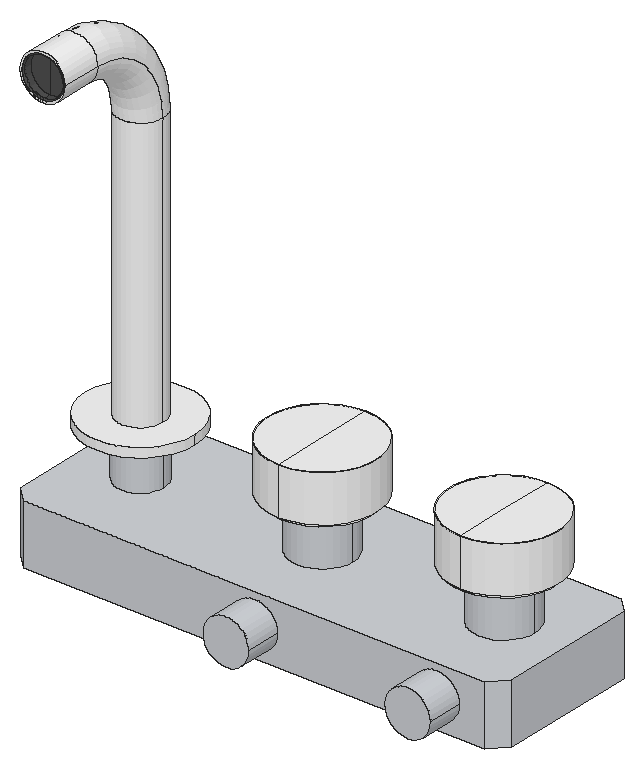
Revit family "Reece_Tap_Milli_Pure_Bath Tap Hostess System_200 mm", category Plumbing Fixtures, host Face, Revit 2018
Family settings
  Host = Face
  Round Connector Dimension = Use Diameter
  Part Type = Normal
  Cut with Voids When Loaded = No
  Shared = Yes
  Room Calculation Point = Yes
Parameters (values of type "Chrome")
  WFU = 0  # constant formula
  URL = "https://www.reece.com.au/product/-2263279"
  Type Comments = "Tap"
  Reece_Tap_Reach = 200 mm  # constant formula
  Reece_Tap_Inlet = 15 mm  # constant formula
  Reece_Product_Web Page = "https://www.reece.com.au/product/-2263279"
  Reece_Product_Type = "Tap"  # constant formula
  Reece_Product_Sub Brand = "Pure"  # constant formula
  Reece_Product_Number = "2263279"
  Reece_Product_Mount = "Wall Mounted"
  Reece_Product_Description = "Milli Pure Wall Bath Hostess System 200mm Right Hand Chrome"
  Reece_Product_Brand = "Milli"  # constant formula
  Reece_Overall_Length = 212.5 mm  # constant formula
  Reece_Material_Main = Reece_Brass_Chrome
  Reece_Detail_Tap_Handle Texture = ""
  Reece_Detail_Installation = ""
  Reece_Detail_Disclaimer = "THIS FILE IS THE PROPERTY OF THE REECE GROUP. IT MAY NOT BE REPRODUCED, REVERSE-ENGINEERED OR MODIFIED. ANY REPUBLICATION, TRANSMISSION OR DISTRIBUTION FOR THE PURPOSE OF COMMERCIALLY EXPLOITING THE FILES IS PROHIBITED."  # constant formula
  Reece_Detail_Connector = ""
  Reece_Detail_Additional = "Bath Tap Hostess System\r\n"  # constant formula
  Model = "Pure"
  Manufacturer = "Milli"
  Keynote = "Product #2263279, Reece_Tap_Milli_Pure_Bath Tap Hostess System_200 mm - Chrome"
  HWFU = 0  # constant formula
  Disclaimer = "THIS FILE IS THE PROPERTY OF THE REECE GROUP. IT MAY NOT BE REPRODUCED, REVERSE-ENGINEERED OR MODIFIED. ANY REPUBLICATION, TRANSMISSION OR DISTRIBUTION FOR THE PURPOSE OF COMMERCIALLY EXPLOITING THE FILES IS PROHIBITED."  # constant formula
  Description = "Milli Pure Wall Bath Hostess System 200mm Chrome"
  Default Elevation = 1000 mm
  CWFU = 0  # constant formula
Types (6, lengths in mm): name | URL | Reece_Product_Web Page | Reece_Product_Number | Reece_Product_Description | Reece_Material_Main | Keynote | Description
  Brushed Gunmetal | "https://www.reece.com.au/product/-2281300" | "https://www.reece.com.au/product/-2281300" | "2281300" | "Milli Pure Wall Bath Hostess System 200mm Right Hand Brushed Gunmetal" | Reece_Brass_Brushed Gunmetal | "Product #2281300, Reece_Tap_Milli_Pure_Bath Tap Hostess System_200 mm - Brushed Gunmetal" | "Milli Pure Wall Bath Hostess System 200mm Brushed Gunmetal"
  Chrome | "https://www.reece.com.au/product/-2263279" | "https://www.reece.com.au/product/-2263279" | "2263279" | "Milli Pure Wall Bath Hostess System 200mm Right Hand Chrome" | Reece_Brass_Chrome | "Product #2263279, Reece_Tap_Milli_Pure_Bath Tap Hostess System_200 mm - Chrome" | "Milli Pure Wall Bath Hostess System 200mm Chrome"
  Matte Black | "https://www.reece.com.au/product/-2281222" | "https://www.reece.com.au/product/-2281222" | "2281222" | "Milli Pure Wall Bath Hostess System 200mm Right Hand Matte Black" | Reece_Brass_Matte Black | "Product #2281222, Reece_Tap_Milli_Pure_Bath Tap Hostess System_200 mm - Matte Black" | "Milli Pure Wall Bath Hostess System 200mm Matte Black"
  Brushed Nickel | "https://www.reece.com.au/product/-2299195" | "https://www.reece.com.au/product/-2299195" | "2299195" | "Milli Pure Wall Bath Hostess System 200mm Right Hand Brushed Nickel" | Reece_Brass_Brushed Nickel | "Product #2299195, Reece_Tap_Milli_Pure_Bath Tap Hostess System_200 mm - Brushed Nickel" | "Milli Pure Wall Bath Hostess System 200mm Brushed Nickel"
  PVD Brushed Bronze | "https://www.reece.com.au/product/-9511085" | "https://www.reece.com.au/product/-9511085" | "9511085" | "Milli Pure Wall Bath Hostess System 200mm PVD Brushed Bronze" | Reece_PVD_Brushed Bronze | "Product #9511085, Reece_Tap_Milli_Pure_Bath Tap Hostess System_200 mm - PVD Brushed Bronze" | "Milli Pure Wall Bath Hostess System 200mm PVD Brushed Bronze"
  PVD Brushed Gold | "https://www.reece.com.au/product/-9510900" | "https://www.reece.com.au/product/-9510900" | "9510900" | "Milli Pure Wall Bath Hostess System 200mm PVD Brushed Gold" | Reece_PVD_Brushed Gold | "Product #9510900, Reece_Tap_Milli_Pure_Bath Tap Hostess System_200 mm - PVD Brushed Gold" | "Milli Pure Wall Bath Hostess System 200mm PVD Brushed Gold"
Reference planes
  plane 1 "Center (Front/Back)": y = 0
  plane 2 "Bottom": z = 0
  plane 3 "Center (Left/Right)": x = 0
  plane 4 "Top": z = 212.5
  plane 5: z = 200
  plane 6: y = -67
  plane 7: x = -100
  plane 8: x = 100
Forms (mm)
  Extrusion 1, solid, material "Reece_Brass_Chrome" <- "Reece_Material_Main"
    sketch origin (-50, 0, 0) x (1, 0, 0) y (0, 1, 0)
      loop
        circle (-50, 0) r 30
    from 0 to 5
  Sweep 2, solid, material "Reece_Brass_Chrome" <- "Reece_Material_Main"
    path origin (0, 0, 0) x (0, 1, 0) y (0, 0, 1)
      loop
        line (-67, 200) -> (-45, 200)
        arc (-45, 200) -> (-13.18, 186.82) -> (0, 155) r 45
        line (0, 155) -> (0, 0)
    profile origin (0, 0, 77.5) x (1, 0, 0) y (0, 1, 0)
      loop
        circle (-100, 0) r 12.5
      loop
        circle (-100, 0) r 11.5
  Revolve 3, solid, material "Reece_Brass_Matte Black"
    sketch origin (-100, -183.21, 68.488) x (0, 0.572951, -0.81959) y (0, 0.81959, 0.572951)
      loop
        line (-38.39, 174.619) -> (-37.119, 176.437) -> (-46.38, 182.911) -> (-50.465, 177.068) -> (-49.461, 177.508) -> (-47.184, 180.766) -> (-38.39, 174.619)
      axis (-37.119, 176.437) -> (-41.203, 170.594)
    angle from 0 to 360
  Extrusion 4, solid
    sketch origin (0, 0, 0) x (1, 0, 0) y (0, 1, 0)
      loop
        line (-126.853, 46.5) -> (-135, 38.353) -> (-135, -38.353) -> (-126.853, -46.5) -> (126.853, -46.5) -> (135, -38.353) -> (135, 38.353) -> (126.853, 46.5) -> (-126.853, 46.5)
    from -60 to -27
  Extrusion 5, solid
    sketch origin (50, 0, -3.5) x (-1, 0, 0) y (0, 0, 1)
      loop
        circle (50, -40) r 12.5
    from -66.119 to -46.5
  Extrusion 6, solid
    sketch origin (150, 0, -3.5) x (-1, 0, 0) y (0, 0, 1)
      loop
        circle (50, -40) r 12.5
    from -66.119 to -46.5
  Extrusion 7, void
    sketch origin (-150, 0, 0) x (1, 0, 0) y (0, 1, 0)
      loop
        circle (50, 0) r 17
    from 0 to -27
  Extrusion 8, void
    sketch origin (50, 0, 0) x (-1, 0, 0) y (0, -1, 0)
      loop
        circle (50, 0) r 20
    from 0 to -27
  Extrusion 9, void
    sketch origin (150, 0, 0) x (-1, 0, 0) y (0, -1, 0)
      loop
        circle (50, 0) r 20
    from 0 to -27
  Extrusion 10, solid
    sketch origin (-50, 0, 0) x (1, 0, 0) y (0, 1, 0)
      loop
        circle (50, 0) r 17
    from 0 to -27
  Extrusion 11, solid
    sketch origin (-150, 0, 0) x (1, 0, 0) y (0, 1, 0)
      loop
        circle (50, 0) r 13
    from 0 to -27
  Extrusion 12, solid
    sketch origin (50, 0, 0) x (1, 0, 0) y (0, 1, 0)
      loop
        circle (50, 0) r 17
    from 0 to -27
Cuts and joins
  Extrusion 7 cuts Extrusion 1
  Extrusion 7 cuts Sweep 2
  joined: Extrusion 1, Sweep 2
  Extrusion 7, Extrusion 8, Extrusion 9 cuts Extrusion 4
  Extrusion 7, Extrusion 8, Extrusion 9 cuts Extrusion 5
  Extrusion 7, Extrusion 8, Extrusion 9 cuts Extrusion 6
  joined: Extrusion 4, Extrusion 5, Extrusion 6, Extrusion 10, Extrusion 11, Extrusion 12
Text (mm)
  text "Reece Copyright © 2018, Reece Ltd." at (-1058.61, -264.036, 0), in view "Ref. Level"
  text "Reece ©" at (-5.966, 172.492, 156.237), in view "Reece Preview"
Dimensions and locks
  "Reece_Tap_Reach": plane 5 to plane 2 "Bottom"
  plane 1 "Center (Front/Back)" to plane 6 = 67 mm
  locked: plane 4 "Top" to plane 5 at 12.5
  "Reece_Overall_Length": plane 4 "Top" to plane 2 "Bottom"
  plane 7 to plane 3 "Center (Left/Right)" to nested 2 = 100 mm, 100 mm
  aligned and locked: plane 2 "Bottom" to host face
  aligned and locked: level to host face
Automatic sketch dimensions
  host sketch curve to host sketch curve = 380.785 mm
  host sketch curve to host sketch curve = 317.421 mm
  plane 1 "Center (Front/Back)" to Extrusion 1 sketch curve = 0 mm
  Extrusion 1 sketch curve to plane 3 "Center (Left/Right)" = 100 mm
  Sweep 2 sketch curve to plane 5 = 0 mm
  Sweep 2 sketch curve to plane 6 = 0 mm
  level to Sweep 2 sketch curve = 0 mm
  Sweep 2 sketch curve to plane 1 "Center (Front/Back)" = 0 mm
  Sweep 2 sketch curve to plane 6 = 22 mm
  Sweep 2 sketch curve to Sweep 2 sketch curve = 0 mm  (x2)
  profile plane to Sweep 2 sketch curve = 0 mm
  Sweep 2 sketch curve to plane 3 "Center (Left/Right)" = 100 mm
  Revolve 3 sketch curve to plane 5 = 0 mm  (x4)
  Revolve 3 sketch curve to plane 6 = 0 mm
  Revolve 3 sketch curve to plane 4 "Top" = 1.2 mm
  Revolve 3 sketch curve to Revolve 3 sketch curve = 1.003 mm
  Revolve 3 sketch curve to Revolve 3 sketch curve = 2.278 mm
  Revolve 3 sketch curve to Revolve 3 sketch curve = 0.803 mm
  Revolve 3 sketch curve to Revolve 3 sketch curve = 1.271 mm
  Revolve 3 sketch curve to Revolve 3 sketch curve = 17.422 mm
  Revolve 3 sketch curve to Revolve 3 sketch curve = 3.892 mm
  Extrusion 4 sketch curve to Extrusion 4 sketch curve = 8.147 mm  (x7)
  Extrusion 4 sketch curve to plane 1 "Center (Front/Back)" = 46.5 mm
  Extrusion 4 sketch curve to plane 3 "Center (Left/Right)" = 126.853 mm
  Extrusion 4 sketch curve to plane 6 = 20.5 mm
  Extrusion 4 sketch curve to Extrusion 4 sketch curve = 0 mm
  plane 3 "Center (Left/Right)" to Extrusion 4 sketch curve = 126.853 mm
  Extrusion 5 sketch curve to plane 3 "Center (Left/Right)" = 0 mm
  Extrusion 5 sketch curve to level = 43.5 mm
  Extrusion 6 sketch curve to level = 43.5 mm
  plane 3 "Center (Left/Right)" to Extrusion 6 sketch curve = 100 mm
  Extrusion 7 sketch curve to Extrusion 7 sketch curve = 0 mm  (x2)
  plane 1 "Center (Front/Back)" to Extrusion 7 sketch curve = 0 mm
  Extrusion 7 sketch curve to plane 7 = 0 mm
  Extrusion 7 sketch curve to plane 7 = 17 mm
  Extrusion 8 sketch curve to Extrusion 8 sketch curve = 0 mm  (x2)
  plane 1 "Center (Front/Back)" to Extrusion 8 sketch curve = 0 mm
  Extrusion 8 sketch curve to plane 3 "Center (Left/Right)" = 0 mm
  Extrusion 8 sketch curve to plane 3 "Center (Left/Right)" = 20 mm
  Extrusion 9 sketch curve to Extrusion 9 sketch curve = 0 mm  (x2)
  plane 1 "Center (Front/Back)" to Extrusion 9 sketch curve = 0 mm
  Extrusion 9 sketch curve to plane 8 = 0 mm
  plane 8 to Extrusion 9 sketch curve = 20 mm
  Extrusion 10 sketch curve to Extrusion 10 sketch curve = 0 mm  (x2)
  plane 1 "Center (Front/Back)" to Extrusion 10 sketch curve = 0 mm
  Extrusion 10 sketch curve to plane 3 "Center (Left/Right)" = 0 mm
  Extrusion 10 sketch curve to Extrusion 10 sketch curve = 17 mm
  Extrusion 11 sketch curve to Extrusion 11 sketch curve = 0 mm  (x2)
  plane 1 "Center (Front/Back)" to Extrusion 11 sketch curve = 0 mm
  Extrusion 11 sketch curve to plane 7 = 0 mm
  Extrusion 11 sketch curve to plane 7 = 13 mm
  Extrusion 12 sketch curve to Extrusion 12 sketch curve = 0 mm  (x2)
  plane 1 "Center (Front/Back)" to Extrusion 12 sketch curve = 0 mm
  Extrusion 12 sketch curve to plane 8 = 0 mm
  Extrusion 12 sketch curve to Extrusion 12 sketch curve = 17 mm
  radius of Extrusion 1 sketch curve = 30 mm
  radius of Sweep 2 sketch curve = 12.5 mm
  radius of Sweep 2 sketch curve = 11.5 mm
  radius of Extrusion 5 sketch curve = 12.5 mm
  radius of Extrusion 6 sketch curve = 12.5 mm
Nested families
  nested 1: "Reece_Tap_Milli_Pure_Cap_Main_2D" at (0, 0, 0), Reece_Material_Main <- "Reece_Material_Main", Reece_Material_Secondary <- "Reece_Material_Main", type "60mm x 28mm"
    with Reece_Material_Secondary Reece_Brass_Chrome, Reece_Material_Main Reece_Brass_Chrome
  nested 2: "Reece_Tap_Milli_Pure_Cap_Main_2D" at (100, 0, 0), Reece_Material_Main <- "Reece_Material_Main", Reece_Material_Secondary <- "Reece_Material_Main", type "60mm x 28mm"
    with Reece_Material_Secondary Reece_Brass_Chrome, Reece_Material_Main Reece_Brass_Chrome
Connectors
  piping at (0, -66.119, -43.5), diameter 15, driven by "Reece_Tap_Inlet"
    settings: on cut or joined group 1 (Extrusion 4, Extrusion 5, Extrusion 6, Extrusion 7, Extrusion 8, Extrusion 9, Extrusion 10, Extrusion 11, Extrusion 12), index 1, connector inside diameter 609.6 mm, connector length 0 mm, flow factor 0, pipe flow 0.0 L/s, pressure drop 0.0 Pa, fitting loss kfactor 0, connector angle 0.00°, fixture units 0, engagement length 0 mm, angle of deflection 0.00°, flow configuration 0, flow direction 1, fitting loss method 0, system type 29, joint type 0, gender type 0, connector reference index -1, connector utility 0, adjustable connector no, is connector primary yes, connector description ""
  piping at (100, -66.119, -43.5), diameter 15, driven by "Reece_Tap_Inlet"
    settings: on cut or joined group 1, index 2, connector inside diameter 609.6 mm, connector length 0 mm, flow factor 0, pipe flow 0.0 L/s, pressure drop 0.0 Pa, fitting loss kfactor 0, connector angle 0.00°, fixture units 0, engagement length 0 mm, angle of deflection 0.00°, flow configuration 0, flow direction 1, fitting loss method 0, system type 29, joint type 0, gender type 0, connector reference index -1, connector utility 0, adjustable connector no, is connector primary no, connector description ""
Definition of nested family "Reece_Tap_Milli_Pure_Cap_Main_2D"
  Parameters (values of type "62mm x 30mm")
    WFU = 0  # constant formula
    Reece_Overall_Width = 62 mm
    Reece_Overall_Height = 30 mm
    Reece_Material_Secondary [instance] = none
    Reece_Material_Main [instance] = none
    Reece_Detail_Installation = ""
    Reece_Detail_Connector = ""
    Reece_Detail_Additional = ""
    HWFU = 0  # constant formula
    Default Elevation = 1000 mm
    CWFU = 0  # constant formula
  Types (4, lengths in mm): name | Reece_Overall_Width | Reece_Overall_Height
    62mm x 30mm | 62 | 30
    60mm x 28mm | 60 | 28
    54mm x 30mm | 54 | 30
    60mm x 26mm | 60 | 26
  Reference planes
    plane 1 "Center (Front/Back)": y = 0
    plane 2 "Bottom": z = 0
    plane 3 "Center (Left/Right)": x = 0
    plane 4: y = -31
    plane 5: y = 31
    plane 6: z = 30
    plane 7: y = -29
    plane 8: y = 29
    plane 9: z = 16
    plane 10: z = 2
  Forms (mm)
    Extrusion 1, solid
      sketch origin (619.2, -619.2, 0) x (1, 0, 0) y (0, 1, 0)
        loop
          line (-809.2, 779.2) -> (-809.2, 461.779) -> (-428.415, 461.779) -> (-428.415, 779.2) -> (-809.2, 779.2)
      from 0 to -9.564
    Revolve 2, solid, material <- "Reece_Material_Secondary"
      sketch origin (0, 50, 0) x (0, -1, 0) y (0, 0, 1)
        loop
          line (50, 0) -> (79, 0) -> (79, 2) -> (81, 2) -> (81, 30) -> (79, 28) -> (50, 28) -> (50, 0)
        axis (50, 0) -> (50, 30)
      angle from 0 to 360
    Revolve 3, solid, material <- "Reece_Material_Main"
      sketch origin (0, 50, 0) x (0, -1, 0) y (0, 0, 1)
        loop
          line (81, 30) -> (50, 30) -> (50, 28) -> (79, 28) -> (81, 30)
        axis (50, 28) -> (50, 30)
      angle from 0 to 360
  Text (mm)
    text "Reece Copyright © 2018, Reece Ltd." at (-1403.988, -1192.393, 0), in view "Ref. Level"
    text "Reece ©" at (44.384, 258.95, 192.345), in view "Reece Preview"
  Dimensions and locks
    equal spacing: plane 5, plane 1 "Center (Front/Back)", plane 4
    "Reece_Overall_Width": plane 5 to plane 4
    "Reece_Overall_Height": plane 6 to plane 2 "Bottom"
    locked: plane 7 to plane 4 at 2
    locked: plane 5 to plane 8 at 2
    equal spacing: plane 6, plane 9, plane 10
    locked: plane 10 to plane 2 "Bottom" at 2
    aligned and locked: plane 2 "Bottom" to Extrusion 1
    aligned and locked: level to Extrusion 1
    aligned and locked: plane 7 to Revolve 2 sketch curve
  Automatic sketch dimensions
    Extrusion 1 sketch curve to Extrusion 1 sketch curve = 380.785 mm
    Extrusion 1 sketch curve to Extrusion 1 sketch curve = 317.421 mm
    Revolve 2 sketch curve to plane 1 "Center (Front/Back)" = 0 mm  (x2)
    Revolve 2 sketch curve to level = 0 mm
    Revolve 2 sketch curve to plane 7 = 0 mm
    Revolve 2 sketch curve to plane 4 = 0 mm
    Revolve 2 sketch curve to plane 6 = 0 mm  (x2)
    level to Revolve 2 sketch curve = 2 mm
    Revolve 2 sketch curve to plane 6 = 2 mm
    Revolve 2 sketch curve to Revolve 2 sketch curve = 10 mm
    Revolve 3 sketch curve to plane 1 "Center (Front/Back)" = 0 mm  (x2)
    Revolve 3 sketch curve to plane 7 = 0 mm
    Revolve 3 sketch curve to plane 4 = 0 mm
    Revolve 3 sketch curve to plane 6 = 0 mm  (x2)
    Revolve 3 sketch curve to plane 6 = 2 mm
    Revolve 3 sketch curve to Revolve 3 sketch curve = 10 mm
